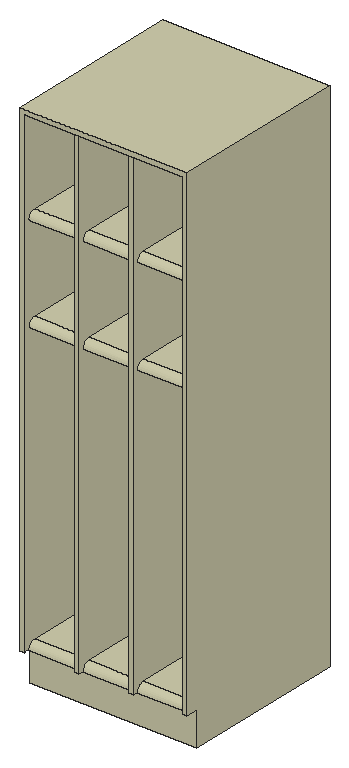
Revit family "Wenger Cabinet 18", category Furniture, Revit 2011
Parameters (values of type "Standard Cabinet #18")
  URL = "http://www.wengercorp.com/Home/Contact.html"
  Toekick Material [instance] = none
  RH End Panel [instance] = no
  Model = "18"
  Manufacturer = "Wenger Corporation"
  LH End Panel [instance] = no
  End Panel Material [instance] = none
  Edge Banding Material [instance] = none
  Door Material [instance] = none
  Description = "Standard Cabinet #18"
  Cabinet Width = 2' - 3 1/2"
  Cabinet Label = Labels : Standard
  Cabinet Height = 7' - 1 5/8"
  Cabinet Depth = 2' - 5 1/4"
  Cabinet Back Thickness = 0' - 0 3/4"
  Assembly Code = ""
Types (2): name | Model | Description | Cabinet Label | Cabinet Depth | Cabinet Back Thickness
  Standard Cabinet #18 | "18" | "Standard Cabinet #18" | Labels : Standard | 2' - 5 1/4" | 0' - 0 3/4"
  Acoustic Cabinet #18 | "18A" | "Acoustic Cabinet #18" | Labels : Acoustic | 2' - 7 3/4" | 0' - 3 1/4"
Reference planes (in)
  plane 1 "Front": y = 0
  plane 2: z = 0
  plane 3 "Left": x = 0
  plane 4 "Right": x = 27.5
  plane 5 "Back": y = 29.25
  plane 6 "Top": z = 85.625
  plane 7: z = 5.625
  plane 8: z = 21.475
  plane 9: z = 37.325
  plane 10: z = 53.175
  plane 11: z = 69.025
  plane 12: x = 0.75
  plane 13: x = 26.75
  plane 14: z = 84.875
  plane 15: x = 8.91667
  plane 16: x = 9.66667
  plane 17: x = 17.83333
  plane 18: x = 18.58333
  plane 19: y = 28.5
  plane 20: y = 2
  plane 21: y = 0.75
  plane 22: z = 22.6
  plane 23: z = 38.45
  plane 24: z = 54.3
  plane 25: z = 70.15
  plane 26: z = 6.75
Forms (in)
  Extrusion 1, solid, material "Wenger - Oyster"
    sketch origin (0, 0, 0) x (0, 1, 0) y (0, 0, 1)
      loop
        line (0, 85.625) -> (0, 5.625) -> (2, 5.625) -> (2, 0) -> (29.25, 0) -> (29.25, 85.625) -> (0, 85.625)
    from 0 to 27.5
  Extrusion 2, void
    sketch origin (0, 0, 0) x (0, 1, 0) y (0, 0, 1)
      loop
        line (-5.5, 84.875) -> (-5.5, 5.625) -> (0.75, 5.625)
        arc (0.75, 5.625) -> (1.18296, 6.40088) -> (2, 6.75) r 1.375
        line (2, 6.75) -> (28.5, 6.75) -> (28.5, 53.175) -> (0.75, 53.175)
        arc (0.75, 53.175) -> (1.18296, 53.95088) -> (2, 54.3) r 1.375
        line (2, 54.3) -> (28.5, 54.3) -> (28.5, 69.025) -> (0.75, 69.025)
        arc (0.75, 69.025) -> (1.18296, 69.80088) -> (2, 70.15) r 1.375
        line (2, 70.15) -> (28.5, 70.15) -> (28.5, 84.875) -> (-5.5, 84.875)
    from 0.75 to 8.91667
  Extrusion 3, void
    sketch origin (0, 0, 0) x (0, 1, 0) y (0, 0, 1)
      loop
        line (-5.5, 84.875) -> (-5.5, 5.625) -> (0.75, 5.625)
        arc (0.75, 5.625) -> (1.18296, 6.40088) -> (2, 6.75) r 1.375
        line (2, 6.75) -> (28.5, 6.75) -> (28.5, 53.175) -> (0.75, 53.175)
        arc (0.75, 53.175) -> (1.18296, 53.95088) -> (2, 54.3) r 1.375
        line (2, 54.3) -> (28.5, 54.3) -> (28.5, 69.025) -> (0.75, 69.025)
        arc (0.75, 69.025) -> (1.18296, 69.80088) -> (2, 70.15) r 1.375
        line (2, 70.15) -> (28.5, 70.15) -> (28.5, 84.875) -> (-5.5, 84.875)
    from 9.66667 to 17.83333
  Extrusion 4, void
    sketch origin (0, 0, 0) x (0, 1, 0) y (0, 0, 1)
      loop
        line (-5.5, 84.875) -> (-5.5, 5.625) -> (0.75, 5.625)
        arc (0.75, 5.625) -> (1.18296, 6.40088) -> (2, 6.75) r 1.375
        line (2, 6.75) -> (28.5, 6.75) -> (28.5, 53.175) -> (0.75, 53.175)
        arc (0.75, 53.175) -> (1.18296, 53.95088) -> (2, 54.3) r 1.375
        line (2, 54.3) -> (28.5, 54.3) -> (28.5, 69.025) -> (0.75, 69.025)
        arc (0.75, 69.025) -> (1.18296, 69.80088) -> (2, 70.15) r 1.375
        line (2, 70.15) -> (28.5, 70.15) -> (28.5, 84.875) -> (-5.5, 84.875)
    from 18.58333 to 26.75
  Extrusion 5, void
    sketch origin (0, 0, 0) x (0, 1, 0) y (0, 0, 1)
      loop
        line (0, 84.875) -> (0, 5.625) -> (0.0625, 5.625) -> (0.0625, 84.875) -> (0, 84.875)
    from 0.75 to 26.75
Cuts and joins
  Extrusion 2, Extrusion 3, Extrusion 4, Extrusion 5 cuts Extrusion 1
Lines and regions (in)
  symbolic lines
    curve 1: line (0, 29.25, 0) -> (27.5, 29.25, 0)
    curve 2: line (0, 0, 0) -> (0, 29.25, 0)
    curve 3: line (27.5, 0, 0) -> (0, 0, 0)
    curve 4: line (27.5, 29.25, 0) -> (27.5, 0, 0)
Dimensions and locks (in)
  locked: plane 3 "Left" to plane 12 at 0.75
  locked: plane 15 to plane 16 at 0.75
  locked: plane 17 to plane 18 at 0.75
  locked: plane 13 to plane 4 "Right" at 0.75
  "Cabinet Back Thickness": plane 5 "Back" to plane 19
  locked: plane 1 "Front" to plane 21 at 0.75
  locked: plane 1 "Front" to plane 20 at 2
  locked: plane 22 to plane 8 at 1.125
  locked: plane 23 to plane 9 at 1.125
  locked: plane 24 to plane 10 at 1.125
  locked: plane 25 to plane 11 at 1.125
  locked: plane 6 "Top" to plane 14 at 0.75
  equal spacing: plane 14, plane 11, plane 10, plane 9, plane 8, plane 7
  locked: plane 26 to plane 7 at 1.125
  equal spacing: plane 13, plane 17, plane 15, plane 3 "Left"
  "Cabinet Width": plane 3 "Left" to plane 4 "Right"
  locked: plane 7 to level at 5.625
  "Cabinet Height": plane 6 "Top" to level
  "Cabinet Depth": plane 1 "Front" to plane 5 "Back"
  plane 12 to plane 13 = 2' - 2"
  plane 14 to plane 7 = 6' - 7 1/4"
  aligned and locked: Extrusion 1 sketch curve to plane 6 "Top"
  aligned and locked: Extrusion 1 sketch curve to plane 5 "Back"
  aligned and locked: Extrusion 1 sketch curve to plane 1 "Front"
  aligned and locked: Extrusion 1 sketch curve to plane 7
  aligned and locked: Extrusion 1 sketch curve to plane 20
  aligned and locked: Extrusion 1 sketch curve to level
  aligned and locked: Extrusion 1 to plane 4 "Right"
  aligned and locked: Extrusion 1 to plane 3 "Left"
  aligned and locked: Extrusion 2 sketch curve to plane 14
  aligned and locked: Extrusion 2 sketch curve to plane 19
  aligned and locked: Extrusion 2 sketch curve to plane 11
  aligned and locked: Extrusion 2 sketch curve to plane 24
  aligned and locked: Extrusion 2 sketch curve to plane 10
  aligned and locked: Extrusion 2 sketch curve to plane 26
  aligned and locked: Extrusion 2 sketch curve to plane 25
  aligned and locked: Extrusion 2 to plane 12
  aligned and locked: plane 15 to Extrusion 2
  aligned and locked: plane 17 to Extrusion 3
  aligned and locked: Extrusion 3 to plane 16
  aligned and locked: Extrusion 4 to plane 13
  aligned and locked: Extrusion 4 to plane 18
  aligned and locked: Extrusion 5 sketch curve to cut or joined group of Extrusion 1, Extrusion 2, Extrusion 3, Extrusion 4, Extrusion 5  (x3)
  aligned and locked: Extrusion 5 to plane 13
  aligned and locked: Extrusion 5 to plane 12
  aligned and locked: plane 3 "Left" to curve 2
  aligned and locked: curve 1 to plane 5 "Back"
  aligned and locked: plane 4 "Right" to curve 4
  aligned and locked: curve 3 to plane 1 "Front"
Automatic sketch dimensions
  Extrusion 2 sketch curve to plane 7 = 0' - 0"
  Extrusion 2 sketch curve to plane 21 = 0' - 0"  (x3)
  Extrusion 2 sketch curve to plane 20 = 0' - 0"  (x3)
  Extrusion 2 sketch curve to plane 19 = 0' - 0"  (x2)
  plane 1 "Front" to Extrusion 2 sketch curve = 0' - 5 1/2"
  Extrusion 2 sketch curve to plane 20 = 0' - 0.10279"  (x3)
  Extrusion 3 sketch curve to plane 14 = 0' - 0"
  Extrusion 3 sketch curve to plane 7 = 0' - 0"
  Extrusion 3 sketch curve to plane 21 = 0' - 0"  (x3)
  Extrusion 3 sketch curve to plane 11 = 0' - 0"
  Extrusion 3 sketch curve to plane 10 = 0' - 0"
  Extrusion 3 sketch curve to plane 20 = 0' - 0"  (x3)
  Extrusion 3 sketch curve to plane 19 = 0' - 0"  (x3)
  Extrusion 3 sketch curve to plane 26 = 0' - 0"
  Extrusion 3 sketch curve to plane 24 = 0' - 0"
  Extrusion 3 sketch curve to plane 25 = 0' - 0"
  plane 1 "Front" to Extrusion 3 sketch curve = 0' - 5 1/2"
  Extrusion 3 sketch curve to plane 20 = 0' - 0.10279"  (x3)
  Extrusion 4 sketch curve to plane 14 = 0' - 0"
  Extrusion 4 sketch curve to plane 7 = 0' - 0"
  Extrusion 4 sketch curve to plane 21 = 0' - 0"  (x3)
  Extrusion 4 sketch curve to plane 11 = 0' - 0"
  Extrusion 4 sketch curve to plane 10 = 0' - 0"
  Extrusion 4 sketch curve to plane 20 = 0' - 0"  (x3)
  Extrusion 4 sketch curve to plane 19 = 0' - 0"  (x3)
  Extrusion 4 sketch curve to plane 26 = 0' - 0"
  Extrusion 4 sketch curve to plane 24 = 0' - 0"
  Extrusion 4 sketch curve to plane 25 = 0' - 0"
  plane 1 "Front" to Extrusion 4 sketch curve = 0' - 5 1/2"
  Extrusion 4 sketch curve to plane 20 = 0' - 0.10279"  (x3)
  plane 21 to Extrusion 5 sketch curve = 0' - 0 11/16"
Nested families (in)
  nested 1: "LH End Panel" at (0, 14.25, 0) x (0, -1, 0) z (0, 0, 1), End Panel Material <- "End Panel Material", visible <- "LH End Panel", Edge Banding Material <- "Edge Banding Material", type "20x84 LH"
    with End Panel Material none, Edge Banding Material none, End Panel Depth 2' - 5 1/4"
  nested 2: "RH End Panel" at (28.25, 14.25, 0) x (0, -1, 0) z (0, 0, 1), End Panel Material <- "End Panel Material", visible <- "RH End Panel", Edge Banding Material <- "Edge Banding Material", type "20x84 RH"
    with End Panel Material none, Edge Banding Material none, End Panel Depth 2' - 5 1/4"
  nested 3: "No Door" at (0.75, 0, 5.625), type "No Door"
  nested 4: "No Door" at (9.66667, 0, 5.625), type "No Door"
  nested 5: "No Door" at (18.58333, 0, 5.625), type "No Door"
  nested 6: "No Door" at (0.75, 0, 21.475), type "No Door"
  nested 7: "No Door" at (9.66667, 0, 21.475), type "No Door"
  nested 8: "No Door" at (18.58333, 0, 21.475), type "No Door"
  nested 9: "No Door" at (0.75, 0, 37.325), type "No Door"
  nested 10: "No Door" at (9.66667, 0, 37.325), type "No Door"
  nested 11: "No Door" at (18.58333, 0, 37.325), type "No Door"
  nested 12: "No Door" at (0.75, 0, 53.175), type "No Door"
  nested 13: "No Door" at (9.66667, 0, 53.175), type "No Door"
  nested 14: "No Door" at (18.58333, 0, 53.175), type "No Door"
  nested 15: "No Door" at (0.75, 0, 69.025), type "No Door"
  nested 16: "No Door" at (9.66667, 0, 69.025), type "No Door"
  nested 17: "No Door" at (18.58333, 0, 69.025), type "No Door"
  nested 18: "No Door" at (0.75, 0, 5.625), type "No Door", not visible
  nested 19: "Labels" at (13.08964, 13.15292, 0), type <- "Cabinet Label", type "Standard"
  nested 20: "Front Note" at (13.75, 0.75, 0), type "Front Note", detail levels medium+fine
Definition of nested family "LH End Panel"
  Parameters (values of type "20x84 LH")
    End Panel Material [instance] = none
    End Panel Height = 7' - 1 5/8"
    End Panel Depth = 1' - 7 1/4"
    Edge Banding Material [instance] = none
    Default Elevation = 4' - 0"
    Assembly Code = ""
  Reference planes (in)
    plane 1 "Center (Front/Back)": y = 0
    plane 2: z = 0
    plane 3 "Center (Left/Right)": x = 0
    plane 4: x = -15
    plane 5: x = 4.25
    plane 6: z = 5.625
    plane 7: x = 2.25
    plane 8: z = 85.625
    plane 9: y = -0.75
  Forms (in)
    Extrusion 1, solid, material <- "End Panel Material"
      sketch origin (0, 0, 0) x (1, 0, 0) y (0, 0, 1)
        loop
          line (-15, 85.625) -> (-15, 0) -> (2.25, 0) -> (2.25, 5.625) -> (4.25, 5.625) -> (4.25, 85.625) -> (-15, 85.625)
      from 0 to 0.75
  Dimensions and locks (in)
    locked: plane 7 to plane 5 at 2
    locked: plane 6 to level at 5.625
    "End Panel Height": plane 8 to level
    "End Panel Depth": plane 5 to plane 4
    locked: plane 9 to plane 1 "Center (Front/Back)" at 0.75
    aligned and locked: plane 4 to Extrusion 1 sketch curve
    aligned and locked: level to Extrusion 1 sketch curve
    aligned and locked: plane 7 to Extrusion 1 sketch curve
    aligned and locked: plane 6 to Extrusion 1 sketch curve
    aligned and locked: Extrusion 1 sketch curve to plane 5
    aligned and locked: Extrusion 1 sketch curve to plane 8
    aligned and locked: Extrusion 1 to plane 9
    aligned and locked: Extrusion 1 to plane 1 "Center (Front/Back)"
Definition of nested family "RH End Panel"
  Parameters (values of type "20x84 RH")
    End Panel Material [instance] = none
    End Panel Height = 7' - 1 5/8"
    End Panel Depth = 1' - 7 1/4"
    Edge Banding Material [instance] = none
    Default Elevation = 4' - 0"
    Assembly Code = ""
  Reference planes (in)
    plane 1 "Center (Front/Back)": y = 0
    plane 2: z = 0
    plane 3 "Center (Left/Right)": x = 0
    plane 4: x = -15
    plane 5: x = 4.25
    plane 6: z = 5.625
    plane 7: x = 2.25
    plane 8: z = 85.625
    plane 9: y = -0.75
  Forms (in)
    Extrusion 1, solid, material <- "End Panel Material"
      sketch origin (0, 0, 0) x (1, 0, 0) y (0, 0, 1)
        loop
          line (-15, 85.625) -> (-15, 0) -> (2.25, 0) -> (2.25, 5.625) -> (4.25, 5.625) -> (4.25, 85.625) -> (-15, 85.625)
      from 0 to 0.75
  Dimensions and locks (in)
    locked: plane 7 to plane 5 at 2
    locked: plane 6 to level at 5.625
    "End Panel Height": plane 8 to level
    "End Panel Depth": plane 5 to plane 4
    locked: plane 9 to plane 1 "Center (Front/Back)" at 0.75
    aligned and locked: plane 4 to Extrusion 1 sketch curve
    aligned and locked: level to Extrusion 1 sketch curve
    aligned and locked: plane 7 to Extrusion 1 sketch curve
    aligned and locked: plane 6 to Extrusion 1 sketch curve
    aligned and locked: Extrusion 1 sketch curve to plane 5
    aligned and locked: Extrusion 1 sketch curve to plane 8
    aligned and locked: Extrusion 1 to plane 9
    aligned and locked: Extrusion 1 to plane 1 "Center (Front/Back)"
Definition of nested family "No Door"
  Parameters (values of type "No Door")
    Door Material = none
    Default Elevation = 4' - 0"
  Reference planes (in)
    plane 1 "Center (Front/Back)": y = 0
    plane 2: z = 0
    plane 3 "Center (Left/Right)": x = 0
Definition of nested family "Labels"
  Parameters (values of type "Standard")
    Cabinet Label = "01"
  Types (4): name | Cabinet Label
    Standard | "01"
    Narrow | "01N"
    Narrow Acoustic | "01NA"
    Acoustic | "01A"
  Reference planes (in)
    plane 1: y = 0
    plane 2: x = 0
  Text (in)
    label "xxxx" at (-0.00018, 0.00754, 0), shows "Cabinet Label"
Definition of nested family "Front Note"
  Parameters (values of type "Front Note")
    Cabinet Label = "Front"
  Reference planes (in)
    plane 1: y = 0
    plane 2: x = 0
  Text (in)
    label "Front" at (-0.00018, 0.00754, 0), shows "Cabinet Label"
